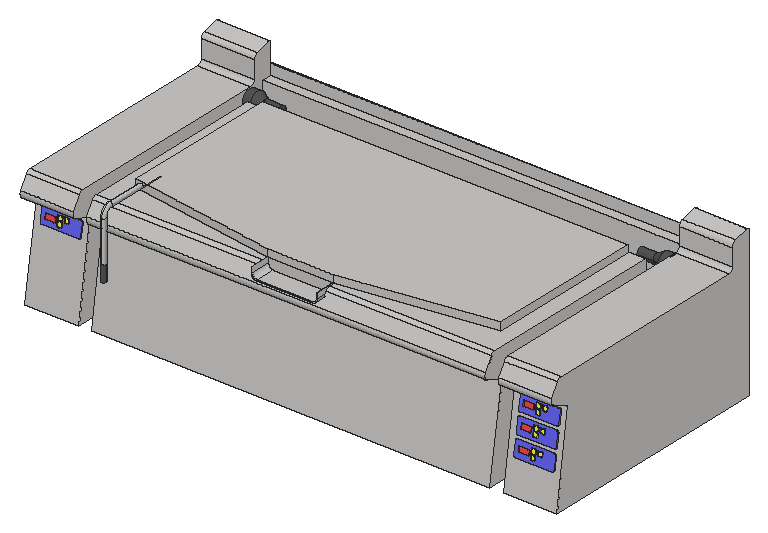
Revit family "QF_CAPIC_PILOTE_W296603", category Equipement spécialisé, Revit 2018
Family settings
  Cote de connecteur circulaire = Utiliser le diamètre
  Type d'élément = Normal
  Numéro OmniClass = 23.40.40.14
  Titre OmniClass = Food Service Equipment
  Basée sur le plan de construction = Non
  Toujours verticalement = Oui
  Couper avec des vides une fois chargée = Non
  Partagée = Non
  Point de calcul de pièce = Non
Parameters (values of type "2000 x 925 x 450 mm")
  URL catalogue = "http://www.capic-fr.com/fr/"
  Type de Raccord Plomberie [instance] = "Raccord 15/21"
  Type de Raccord Electrique [instance] = "Bornier interne"
  Type de Gaz = ""
  Type article [instance] = ""
  Tension = 400 V
  Spécification du Fabricant = ""
  Show Logo [instance] = yes
  Remarques evacuation [instance] = "Ecoulement dans caniveau"
  Remarques Plomberie [instance] = "Eau chaude + froide"
  Remarques Electricité [instance] = "400V TRI + N + T"
  Puissance électrique  = 27000 W
  Puissance Gaz kW = 0
  Profondeur hors tout = 925 mm
  Pression Maximum Eau Adoucie = 0.0 Pa
  Pos Bec = Longueur hors tout / 2  # 1000 mm
  Poids net à vide = 380.00 kg
  Pieds (Option X296001) [instance] = no
  Phase = 3
  Modèle = "W296603"
  Longueur hors tout = 2000 mm
  Intensité nominale = 0 A
  Hauteur hors tout = 570 mm
  Hauteur de Raccordement du Sol Finis = 550 mm
  Hauteur de Raccordement Gaz du Sol Finis = 0 mm
  Hauteur de Raccordement Evacuation Directe du Sol Finis = 0 mm
  Hauteur de Raccordement Eau Froide du Sol Finis = 600 mm
  Hauteur de Raccordement Eau Chaude du Sol Finis = 600 mm
  Hauteur de Raccordement Eau Adoucie du Sol Finis = 0 mm
  Fréquence = 50 Hz
  Fabricant = "CAPIC"
  Débit d'air d'extraction = 1700.0 m³/h
  Débit Gaz = 0.0 L/s
  Débit Eau Froide = 0.0 L/s
  Débit Eau Chaude = 0.0 L/s
  Débit Eau Adoucie = 0.0 L/s
  Diamètre de Raccordement Gaz = 0 mm
  Diamètre de Raccordement Evacuation = 0 mm
  Diamètre de Raccordement Eau Froide = 15 mm
  Diamètre de Raccordement Eau Chaude = 15 mm
  Diamètre de Raccordement Eau Adoucie = 0 mm
  Description = "Sauteuse multifonction 80dm2"
  Assembly Code = ""
  Classification  Omniclass nombre et titre = "23.40.40.14"
Reference planes
  plane 1 "Centre (avant/arrière)": y = 0
  plane 2: z = 0
  plane 3 "Centre (gauche/droite)": x = 1000
  plane 4: x = 1200
  plane 5: x = 2800
  plane 6: x = 3000
  plane 7: x = 1000
  plane 8: x = 1250
  plane 9: x = 2750
  plane 10: x = 2687
  plane 11: x = 1313
  plane 12: x = 2124
  plane 13: x = 1876
  plane 14: x = 2976
  plane 15: x = 1024
  plane 16: y = -690
  plane 17: x = 1333.6
  plane 18: x = 2000
  plane 19: y = -80
  plane 20: y = -757
  plane 21: x = 1100
  plane 22: x = 2900
Forms (mm)
  Extrusion 1, solid, material "QF_Stainless Steel-Brushed"
    sketch origin (2000, 0, 0) x (0, 1, 0) y (0, 0, 1)
      loop
        line (0, 450) -> (0, 1013.429)
        arc (0, 1013.429) -> (-0.782, 1015.016) -> (-2.518, 1015.361) r 2
        line (-2.518, 1015.361) -> (-57.918, 1000.516)
        arc (-57.918, 1000.516) -> (-68.074, 993.73) -> (-72, 982.164) r 19
        line (-72, 982.164) -> (-72, 917)
        arc (-72, 917) -> (-76.979, 904.979) -> (-89, 900) r 17
        line (-89, 900) -> (-879.289, 900)
        arc (-879.289, 900) -> (-889.289, 897.321) -> (-896.61, 890) r 20
        line (-896.61, 890) -> (-922.551, 845.067)
        arc (-922.551, 845.067) -> (-924.025, 828.227) -> (-912.071, 816.274) r 20
        line (-912.071, 816.274) -> (-852.584, 794.622)
        arc (-852.584, 794.622) -> (-849.467, 792.029) -> (-848.71, 788.045) r 6
        line (-848.71, 788.045) -> (-902.251, 450) -> (0, 450)
    from -1000 to -800
  Extrusion 2, solid, material "QF_Stainless Steel-Brushed"
    sketch origin (3640.271, 0, 0) x (0, 1, 0) y (0, 0, 1)
      loop
        line (0, 450) -> (0, 1013.429)
        arc (0, 1013.429) -> (-0.782, 1015.016) -> (-2.518, 1015.361) r 2
        line (-2.518, 1015.361) -> (-57.918, 1000.516)
        arc (-57.918, 1000.516) -> (-68.074, 993.73) -> (-72, 982.164) r 19
        line (-72, 982.164) -> (-72, 917)
        arc (-72, 917) -> (-76.979, 904.979) -> (-89, 900) r 17
        line (-89, 900) -> (-879.289, 900)
        arc (-879.289, 900) -> (-889.289, 897.321) -> (-896.61, 890) r 20
        line (-896.61, 890) -> (-922.551, 845.067)
        arc (-922.551, 845.067) -> (-924.025, 828.227) -> (-912.071, 816.274) r 20
        line (-912.071, 816.274) -> (-852.584, 794.622)
        arc (-852.584, 794.622) -> (-849.467, 792.029) -> (-848.71, 788.045) r 6
        line (-848.71, 788.045) -> (-902.251, 450) -> (0, 450)
    from -840.271 to -640.271
  Extrusion 3, solid, material "QF_Stainless Steel-Brushed"
    sketch origin (2330, 0, 0) x (0, 1, 0) y (0, 0, 1)
      loop
        line (-167.8, 450) -> (-167.8, 900) -> (-879.289, 900)
        arc (-879.289, 900) -> (-889.289, 897.321) -> (-896.61, 890) r 20
        line (-896.61, 890) -> (-922.551, 845.067)
        arc (-922.551, 845.067) -> (-924.025, 828.227) -> (-912.071, 816.274) r 20
        line (-912.071, 816.274) -> (-852.584, 794.622)
        arc (-852.584, 794.622) -> (-849.467, 792.029) -> (-848.71, 788.045) r 6
        line (-848.71, 788.045) -> (-902.251, 450) -> (-167.8, 450)
    from -1080 to 420
  Extrusion 4, solid, material "QF_Stainless Steel-Brushed"
    sketch origin (2000, -494.162, -132.867) x (0, 1, 0) y (0, 0, 1)
      loop
        line (494.162, 1076.367) -> (492.662, 1076.367) -> (492.662, 1032.867) -> (455.662, 1032.867) -> (455.662, 849.104) -> (389.555, 764.49) -> (389.555, 582.867) -> (391.055, 582.867) -> (391.055, 763.974) -> (457.162, 848.587) -> (457.162, 1029.867) -> (494.162, 1029.867) -> (494.162, 1076.367)
    from -800 to 800
  Revolve 5, solid, material "QF_Plastic-Black"
    sketch origin (855.885, -1524, 865) x (-1, 0, 0) y (0, -1, 0)
      loop
        line (-344.115, -1459) -> (-344.115, -1424) -> (-468.115, -1424) -> (-468.115, -1442) -> (-407.115, -1442) -> (-377.115, -1459) -> (-344.115, -1459)
      axis (-344.115, -1424) -> (-468.115, -1424)
    angle from 0 to 360
  Revolve 6, solid, material "QF_Plastic-Black"
    sketch origin (3144.115, -1524, 865) x (1, 0, 0) y (0, 1, 0)
      loop
        line (-344.115, 1459) -> (-377.115, 1459) -> (-407.115, 1442) -> (-468.115, 1442) -> (-468.115, 1424) -> (-344.115, 1424) -> (-344.115, 1459)
      axis (-344.115, 1424) -> (-468.115, 1424)
    angle from 0 to 360
  Extrusion 7, solid, material "QF_Stainless Steel-Brushed"
    sketch origin (363.202, -132.622, 0) x (1, 0, 0) y (0, 1, 0)
      loop
        line (949.798, -43.378) -> (949.798, -639.378) -> (1512.798, -723.378) -> (1760.798, -723.378) -> (2323.798, -639.378) -> (2323.798, -43.378) -> (949.798, -43.378)
    from 900 to 928
  Extrusion 8, solid, material "QF_Stainless Steel-Brushed"
    sketch origin (2000, 0, 0) x (0, 1, 0) y (0, 0, 1)
      loop
        circle (-690, 670) r 45
    from -800 to -750
  Extrusion 9, solid, material "QF_Stainless Steel-Brushed"
    sketch origin (2000, 0, 0) x (0, 1, 0) y (0, 0, -1)
      loop
        circle (-690, -670) r 45
    from -800 to -750
  Sweep 10, solid, material "QF_Stainless Steel-Brushed"
    path origin (1333.6, 444.623, 4000) x (0, 1, 0) y (0, 0, 1)
      loop
        line (-1134.623, -3085) -> (-1364.623, -3085)
        arc (-1364.623, -3085) -> (-1385.836, -3093.787) -> (-1394.623, -3115) r 30
        line (-1394.623, -3115) -> (-1394.623, -3271.5)
    profile origin (1333.6, -805, 915) x (0, 0, -1) y (1, 0, 0)
      loop
        circle (0, 0) r 8
  Extrusion 11, solid, material "QF_Stainless Steel-Brushed"
    sketch origin (1703.331, 0, -242.806) x (1, 0, 0) y (0, 0, 1)
      loop
        line (171.669, 1142.806) -> (171.669, 1122.806)
        arc (171.669, 1122.806) -> (177.527, 1108.664) -> (191.669, 1102.806) r 20
        line (191.669, 1102.806) -> (401.669, 1102.806)
        arc (401.669, 1102.806) -> (415.811, 1108.664) -> (421.669, 1122.806) r 20
        line (421.669, 1122.806) -> (421.669, 1142.806) -> (418.669, 1142.806) -> (418.669, 1122.806)
        arc (418.669, 1122.806) -> (413.69, 1110.786) -> (401.669, 1105.806) r 17
        line (401.669, 1105.806) -> (191.669, 1105.806)
        arc (191.669, 1105.806) -> (179.648, 1110.786) -> (174.669, 1122.806) r 17
        line (174.669, 1122.806) -> (174.669, 1142.806) -> (171.669, 1142.806)
    from 856 to 932
  Extrusion 12, void
    sketch origin (2000, 0, 0) x (1, 0, 0) y (0, 0, 1)
      loop
        line (-125, 900) -> (-125, 880)
        arc (-125, 880) -> (-119.142, 865.858) -> (-105, 860) r 20
        line (-105, 860) -> (105, 860)
        arc (105, 860) -> (119.142, 865.858) -> (125, 880) r 20
        line (125, 880) -> (125, 900) -> (-125, 900)
    from 856 to 932
  Extrusion 13, solid, material "QF_Plastic-Black"
    sketch origin (2000, 0, 0) x (1, 0, 0) y (0, 1, 0)
      loop
        circle (-666.4, -949.574) r 10
    from 670 to 728.5
  Revolve 14, solid, material "QF_Stainless Steel-Brushed", visible <- "Pieds (Option X296001)"
    sketch origin (1100, -1524, 1213.106) x (0, 0, 1) y (0, -1, 0)
      loop
        line (-763.106, -1488) -> (-763.106, -1444) -> (-1213.106, -1444) -> (-1213.106, -1484) -> (-1205.106, -1484) -> (-1188.792, -1452) -> (-1143.106, -1452) -> (-1143.106, -1488) -> (-763.106, -1488)
      axis (-1213.106, -1444) -> (-763.106, -1444)
    angle from 0 to 360
  Revolve 15, solid, material "QF_Stainless Steel-Brushed", visible <- "Pieds (Option X296001)"
    sketch origin (2900, -1524, 1373.181) x (0, 0, 1) y (0, -1, 0)
      loop
        line (-923.181, -1488) -> (-923.181, -1444) -> (-1373.181, -1444) -> (-1373.181, -1484) -> (-1365.181, -1484) -> (-1348.866, -1452) -> (-1303.181, -1452) -> (-1303.181, -1488) -> (-923.181, -1488)
      axis (-1373.181, -1444) -> (-923.181, -1444)
    angle from 0 to 360
  Revolve 16, solid, material "QF_Stainless Steel-Brushed", visible <- "Pieds (Option X296001)"
    sketch origin (1100, -2201, 1213.106) x (0, 0, 1) y (0, -1, 0)
      loop
        line (-763.106, -1488) -> (-763.106, -1444) -> (-1213.106, -1444) -> (-1213.106, -1484) -> (-1205.106, -1484) -> (-1188.792, -1452) -> (-1143.106, -1452) -> (-1143.106, -1488) -> (-763.106, -1488)
      axis (-1213.106, -1444) -> (-763.106, -1444)
    angle from 0 to 360
  Revolve 17, solid, material "QF_Stainless Steel-Brushed", visible <- "Pieds (Option X296001)"
    sketch origin (2900, -2201, 1373.181) x (0, 0, 1) y (0, -1, 0)
      loop
        line (-923.181, -1488) -> (-923.181, -1444) -> (-1373.181, -1444) -> (-1373.181, -1484) -> (-1365.181, -1484) -> (-1348.866, -1452) -> (-1303.181, -1452) -> (-1303.181, -1488) -> (-923.181, -1488)
      axis (-1373.181, -1444) -> (-923.181, -1444)
    angle from 0 to 360
Cuts and joins
  Extrusion 12 cuts Extrusion 3
Lines and regions (mm)
  symbolic lines, style "SpecialityEquipment"
    curve 1: line (1000, -58.953, 1085.565) -> (1000, -118.218, 1762.978)
    curve 2: line (1000, -86.846, 1083.125) -> (1000, -58.953, 1085.565)
    curve 3: line (1000, -146.112, 1760.537) -> (1000, -86.846, 1083.125)
    curve 4: line (1000, -118.218, 1762.978) -> (1000, -146.112, 1760.537)
    curve 5: line (1000, -303.472, 1838.118) -> (1000, -168.986, 1849.884)
    curve 6: line (1000, -302.078, 1822.179) -> (1000, -167.591, 1833.945)
    curve 7: line (1000, -139.139, 1761.148) -> (1000, -143.758, 1813.946)
    curve 8: line (1000, -123.199, 1762.542) -> (1000, -127.819, 1815.34)
    curve 9: arc (1000, -167.591, 1833.945) -> (1000, -151.533, 1828.881) -> (1000, -143.758, 1813.946) r 22
    curve 10: arc (1000, -168.986, 1849.884) -> (1000, -141.248, 1841.138) -> (1000, -127.819, 1815.34) r 38
    curve 13: line (0, -370.766, 1804.123) -> (0, -301.686, 1817.696)
    curve 15: line (1000, -303.472, 1838.118) -> (1000, -303.864, 1842.601)
    curve 16: line (1000, -301.686, 1817.696) -> (1000, -302.078, 1822.179)
  symbolic lines, style "SpecialityEquipmentHiddenLines"
    curve 11: arc (1000, -179.175, 1755.536) -> (1000, -670.405, 1488.997) -> (1000, -885.671, 973.235) r 840
    curve 12: line (0, -303.864, 1842.601) -> (0, -374.252, 1843.971)
    curve 14: arc (0, -374.252, 1843.971) -> (0, -392.433, 1822.304) -> (0, -370.766, 1804.123) r 20
Dimensions and locks
  locked: plane 5 to plane 6 at 200
  locked: plane 7 to plane 4 at 200
  "Longueur hors tout": plane 7 to plane 6
  locked: plane 4 to plane 8 at 50
  locked: plane 9 to plane 5 at 50
  locked: plane 8 to plane 11 at 63
  locked: plane 10 to plane 9 at 63
  locked: plane 13 to plane 12 at 248
  locked: plane 6 to plane 14 at 24
  locked: plane 7 to plane 15 at 24
  locked: plane 8 to plane 17 at 83.6
  "Pos Bec": plane 7 to plane 18
  equal spacing: plane 13, plane 18, plane 12
  locked: plane 19 to plane 1 "Centre (avant/arrière)" at 80
  locked: plane 20 to plane 19 at 677
  locked: plane 21 to plane 7 at 100
  locked: plane 6 to plane 22 at 100
  aligned and locked: level to plane 2
  aligned and locked: plane 4 to Extrusion 1
  aligned and locked: plane 6 to Extrusion 2
  aligned and locked: Extrusion 1 to plane 7
  aligned and locked: Extrusion 2 to plane 5
  aligned and locked: Extrusion 3 to plane 8
  aligned and locked: plane 9 to Extrusion 3
  aligned and locked: plane 5 to Extrusion 4
  aligned and locked: Extrusion 4 to plane 4
  aligned and locked: Extrusion 4 to Extrusion 7
  aligned and locked: plane 11 to Extrusion 7
  aligned and locked: plane 10 to Extrusion 7
  aligned and locked: plane 13 to Extrusion 7 sketch curve
  aligned and locked: plane 12 to Extrusion 7 sketch curve
  aligned and locked: Extrusion 8 to plane 4
  aligned and locked: Extrusion 8 to Extrusion 3
  aligned and locked: plane 5 to Extrusion 9
  aligned and locked: Extrusion 9 to plane 9
  aligned and locked: plane 17 to Extrusion 13 sketch curve
  aligned and locked: Extrusion 13 to Sweep 10
  aligned and locked: nested 1 to plane 15
  aligned and locked: nested 2 to plane 14
  aligned and locked: plane 19 to Revolve 14 sketch curve  (x2)
  aligned and locked: nested 3 to plane 14
  aligned and locked: nested 4 to plane 14
Automatic sketch dimensions
  curve 9 to curve 10 = 0 mm  (x2)
  curve 15 to plane 19 = 223.472 mm
  curve 5 to curve 16 = 1.394 mm
  curve 5 to plane 19 = 88.986 mm
  curve 10 to curve 6 = 1.394 mm
  curve 9 to curve 9 = 1.917 mm
  curve 9 to curve 3 = 19.562 mm
  curve 9 to curve 7 = 21.916 mm
  curve 7 to curve 8 = 15.939 mm
  curve 3 to curve 4 = 27.893 mm
  curve 2 to plane 19 = 6.846 mm
  plane 19 to curve 11 = 33 mm
  level to curve 11 = 926 mm
  curve 11 to curve 2 = 157.125 mm
  curve 2 to curve 2 = 2.44 mm
  curve 3 to curve 10 = 51.491 mm
  curve 9 to curve 7 = 1.917 mm
  curve 7 to curve 8 = 1.394 mm
  curve 6 to curve 9 = 11.766 mm
  curve 6 to curve 15 = 15.939 mm
  curve 15 to curve 5 = 0.392 mm
  curve 11 to plane 20 = 128.671 mm
  curve 6 to curve 16 = 0.392 mm
  curve 11 to curve 3 = 33.063 mm
  curve 11 to curve 2 = 109.89 mm
  curve 12 to plane 19 = 294.252 mm
  curve 12 to curve 14 = 1.743 mm
  curve 14 to curve 13 = 1.743 mm
  level to curve 13 = 1804.123 mm
  curve 13 to curve 14 = 19.924 mm
  curve 12 to curve 12 = 70.387 mm
  curve 12 to curve 13 = 2.179 mm
  curve 13 to curve 13 = 13.572 mm
  curve 13 to curve 12 = 24.905 mm
  Extrusion 1 sketch curve to Extrusion 1 sketch curve = 2 mm
  Extrusion 1 sketch curve to Extrusion 1 sketch curve = 0.518 mm
  plane 19 to Extrusion 1 sketch curve = 27 mm
  Extrusion 1 sketch curve to Extrusion 1 sketch curve = 4.918 mm
  plane 19 to Extrusion 1 sketch curve = 8 mm
  Extrusion 1 sketch curve to plane 19 = 9 mm
  Extrusion 1 sketch curve to plane 20 = 91.71 mm
  Extrusion 1 sketch curve to Extrusion 1 sketch curve = 3.874 mm
  Extrusion 1 sketch curve to Extrusion 1 sketch curve = 2.052 mm
  Extrusion 1 sketch curve to Extrusion 1 sketch curve = 26.705 mm
  Extrusion 1 sketch curve to Extrusion 1 sketch curve = 17.321 mm  (x2)
  Extrusion 1 sketch curve to plane 20 = 145.251 mm
  Extrusion 1 sketch curve to Extrusion 1 sketch curve = 25.942 mm
  Extrusion 1 sketch curve to Extrusion 1 sketch curve = 6.84 mm
  Extrusion 1 sketch curve to Extrusion 1 sketch curve = 338.045 mm
  Extrusion 1 sketch curve to Extrusion 1 sketch curve = 0.939 mm
  Extrusion 1 sketch curve to Extrusion 1 sketch curve = 21.652 mm
  Extrusion 1 sketch curve to Extrusion 1 sketch curve = 18.794 mm
  Extrusion 1 sketch curve to Extrusion 1 sketch curve = 44.933 mm
  Extrusion 1 sketch curve to Extrusion 1 sketch curve = 10 mm
  Extrusion 1 sketch curve to Extrusion 1 sketch curve = 65.164 mm
  Extrusion 1 sketch curve to Extrusion 1 sketch curve = 12.913 mm
  Extrusion 2 sketch curve to Extrusion 2 sketch curve = 2 mm
  Extrusion 2 sketch curve to Extrusion 2 sketch curve = 0.518 mm
  plane 19 to Extrusion 2 sketch curve = 27 mm
  Extrusion 2 sketch curve to Extrusion 2 sketch curve = 4.918 mm
  plane 19 to Extrusion 2 sketch curve = 8 mm
  Extrusion 2 sketch curve to plane 19 = 9 mm
  Extrusion 2 sketch curve to plane 20 = 91.71 mm
  Extrusion 2 sketch curve to Extrusion 2 sketch curve = 3.874 mm
  Extrusion 2 sketch curve to Extrusion 2 sketch curve = 2.052 mm
  Extrusion 2 sketch curve to Extrusion 2 sketch curve = 26.705 mm
  Extrusion 2 sketch curve to Extrusion 2 sketch curve = 17.321 mm  (x2)
  Extrusion 2 sketch curve to plane 20 = 145.251 mm
  Extrusion 2 sketch curve to Extrusion 2 sketch curve = 25.942 mm
  Extrusion 2 sketch curve to Extrusion 2 sketch curve = 6.84 mm
  Extrusion 2 sketch curve to Extrusion 2 sketch curve = 338.045 mm
  Extrusion 2 sketch curve to Extrusion 2 sketch curve = 0.939 mm
  Extrusion 2 sketch curve to Extrusion 2 sketch curve = 21.652 mm
  Extrusion 2 sketch curve to Extrusion 2 sketch curve = 18.794 mm
  Extrusion 2 sketch curve to Extrusion 2 sketch curve = 44.933 mm
  Extrusion 2 sketch curve to Extrusion 2 sketch curve = 10 mm
  Extrusion 2 sketch curve to Extrusion 2 sketch curve = 65.164 mm
  Extrusion 2 sketch curve to Extrusion 2 sketch curve = 12.913 mm
  Extrusion 3 sketch curve to plane 20 = 165.551 mm
  Extrusion 3 sketch curve to Extrusion 3 sketch curve = 10.48 mm
  Extrusion 3 sketch curve to Extrusion 3 sketch curve = 17.321 mm  (x2)
  Extrusion 3 sketch curve to plane 20 = 145.251 mm
  Extrusion 3 sketch curve to Extrusion 3 sketch curve = 25.942 mm
  Extrusion 3 sketch curve to Extrusion 3 sketch curve = 57.435 mm
  Extrusion 3 sketch curve to Extrusion 3 sketch curve = 2.052 mm
  Extrusion 3 sketch curve to Extrusion 3 sketch curve = 5.926 mm
  Extrusion 3 sketch curve to plane 19 = 87.8 mm
  level to Extrusion 3 sketch curve = 450 mm
  Extrusion 3 sketch curve to Extrusion 3 sketch curve = 338.045 mm
  Extrusion 3 sketch curve to Extrusion 3 sketch curve = 0.939 mm
  Extrusion 3 sketch curve to Extrusion 3 sketch curve = 21.652 mm
  Extrusion 3 sketch curve to Extrusion 3 sketch curve = 18.794 mm
  Extrusion 3 sketch curve to Extrusion 3 sketch curve = 44.933 mm
  Extrusion 3 sketch curve to Extrusion 3 sketch curve = 10 mm
  Extrusion 4 sketch curve to plane 1 "Centre (avant/arrière)" = 0 mm
  Extrusion 4 sketch curve to Extrusion 4 sketch curve = 1.5 mm  (x3)
  Extrusion 4 sketch curve to Extrusion 4 sketch curve = 35.5 mm
  Extrusion 4 sketch curve to plane 19 = 23.107 mm
  level to Extrusion 4 sketch curve = 450 mm
  Extrusion 4 sketch curve to Extrusion 4 sketch curve = 181.107 mm
  Extrusion 4 sketch curve to Extrusion 4 sketch curve = 0.516 mm  (x2)
  Extrusion 4 sketch curve to Extrusion 4 sketch curve = 84.613 mm
  Extrusion 4 sketch curve to Extrusion 4 sketch curve = 180.763 mm
  Extrusion 4 sketch curve to Extrusion 4 sketch curve = 3 mm
  Extrusion 4 sketch curve to Extrusion 4 sketch curve = 43.5 mm
  Revolve 5 sketch curve to plane 4 = 0 mm  (x2)
  Revolve 5 sketch curve to plane 8 = 17 mm
  Revolve 5 sketch curve to plane 19 = 2 mm
  plane 8 to Revolve 5 sketch curve = 13 mm
  Revolve 5 sketch curve to plane 17 = 9.6 mm
  plane 19 to Revolve 5 sketch curve = 15 mm
  Revolve 5 sketch curve to Revolve 5 sketch curve = 18 mm
  Revolve 5 sketch curve to Revolve 5 sketch curve = 0 mm  (x2)
  Revolve 6 sketch curve to plane 5 = 0 mm  (x2)
  plane 9 to Revolve 6 sketch curve = 17 mm
  Revolve 6 sketch curve to plane 19 = 2 mm
  Revolve 6 sketch curve to plane 9 = 13 mm
  plane 10 to Revolve 6 sketch curve = 11 mm
  Revolve 6 sketch curve to Revolve 6 sketch curve = 18 mm
  plane 19 to Revolve 6 sketch curve = 15 mm
  Revolve 6 sketch curve to Revolve 6 sketch curve = 0 mm  (x2)
  Extrusion 7 sketch curve to plane 11 = 0 mm
  Extrusion 7 sketch curve to plane 10 = 0 mm
  Extrusion 7 sketch curve to plane 20 = 99 mm
  Extrusion 7 sketch curve to plane 20 = 15 mm  (x2)
  Extrusion 7 sketch curve to plane 19 = 96 mm
  Extrusion 8 sketch curve to plane 16 = 0 mm
  level to Extrusion 8 sketch curve = 670 mm
  Extrusion 9 sketch curve to plane 16 = 0 mm
  level to Extrusion 9 sketch curve = 670 mm
  Sweep 10 sketch curve to plane 16 = 0 mm
  Sweep 10 sketch curve to plane 20 = 163 mm
  Sweep 10 sketch curve to Sweep 10 sketch curve = 30 mm
  level to Sweep 10 sketch curve = 885 mm
  Sweep 10 sketch curve to Sweep 10 sketch curve = 156.5 mm
  Sweep 10 sketch curve to plane 17 = 0 mm
  Sweep 10 sketch curve to profile plane = 0 mm
  Extrusion 11 sketch curve to Extrusion 11 sketch curve = 0 mm  (x4)
  plane 13 to Extrusion 11 sketch curve = 1 mm
  Extrusion 11 sketch curve to plane 13 = 2 mm
  Extrusion 11 sketch curve to Extrusion 11 sketch curve = 17 mm
  plane 12 to Extrusion 11 sketch curve = 19 mm
  plane 12 to Extrusion 11 sketch curve = 2 mm
  level to Extrusion 11 sketch curve = 860 mm
  Extrusion 11 sketch curve to Extrusion 11 sketch curve = 20 mm  (x2)
  plane 13 to Extrusion 12 sketch curve = 1 mm
  Extrusion 12 sketch curve to plane 13 = 19 mm
  plane 12 to Extrusion 12 sketch curve = 19 mm
  Extrusion 12 sketch curve to plane 12 = 1 mm
  level to Extrusion 12 sketch curve = 860 mm
  Extrusion 12 sketch curve to Extrusion 12 sketch curve = 20 mm
  Extrusion 13 sketch curve to plane 20 = 192.574 mm
  Revolve 14 sketch curve to level = 0 mm
  level to Revolve 14 sketch curve = 8 mm
  plane 19 to Revolve 14 sketch curve = 8 mm
  level to Revolve 14 sketch curve = 24.315 mm
  Revolve 14 sketch curve to Revolve 14 sketch curve = 45.685 mm
  plane 1 "Centre (avant/arrière)" to Revolve 14 sketch curve = 36 mm
  Revolve 14 sketch curve to Revolve 14 sketch curve = 380 mm
  Revolve 14 sketch curve to Revolve 14 sketch curve = 40 mm
  Revolve 14 sketch curve to Revolve 14 sketch curve = 20 mm
  Revolve 14 sketch curve to Revolve 14 sketch curve = 120 mm
  Revolve 15 sketch curve to level = 0 mm
  Revolve 15 sketch curve to plane 19 = 0 mm  (x2)
  level to Revolve 15 sketch curve = 8 mm
  plane 19 to Revolve 15 sketch curve = 8 mm
  level to Revolve 15 sketch curve = 24.315 mm
  Revolve 15 sketch curve to Revolve 15 sketch curve = 45.685 mm
  plane 1 "Centre (avant/arrière)" to Revolve 15 sketch curve = 36 mm
  Revolve 15 sketch curve to Revolve 15 sketch curve = 380 mm
  Revolve 15 sketch curve to Revolve 15 sketch curve = 40 mm
  Revolve 15 sketch curve to Revolve 15 sketch curve = 20 mm
  Revolve 15 sketch curve to Revolve 15 sketch curve = 120 mm
  Revolve 16 sketch curve to level = 0 mm
  Revolve 16 sketch curve to plane 20 = 0 mm  (x2)
  Revolve 16 sketch curve to Revolve 16 sketch curve = 8 mm
  plane 20 to Revolve 16 sketch curve = 8 mm
  level to Revolve 16 sketch curve = 24.315 mm
  Revolve 16 sketch curve to Revolve 16 sketch curve = 45.685 mm
  Revolve 16 sketch curve to plane 16 = 23 mm
  Revolve 16 sketch curve to Revolve 16 sketch curve = 380 mm
  Revolve 16 sketch curve to plane 16 = 27 mm
  Revolve 16 sketch curve to Revolve 16 sketch curve = 20 mm
  Revolve 16 sketch curve to Revolve 16 sketch curve = 120 mm
  Revolve 17 sketch curve to level = 0 mm
  Revolve 17 sketch curve to plane 20 = 0 mm  (x2)
  level to Revolve 17 sketch curve = 8 mm
  plane 20 to Revolve 17 sketch curve = 8 mm
  level to Revolve 17 sketch curve = 24.315 mm
  Revolve 17 sketch curve to Revolve 17 sketch curve = 45.685 mm
  Revolve 17 sketch curve to plane 16 = 23 mm
  Revolve 17 sketch curve to Revolve 17 sketch curve = 380 mm
  Revolve 17 sketch curve to plane 16 = 27 mm
  Revolve 17 sketch curve to Revolve 17 sketch curve = 20 mm
  Revolve 17 sketch curve to Revolve 17 sketch curve = 120 mm
  plane 1 "Centre (avant/arrière)" to Extrusion 1 sketch curve = 0 mm
  level to Extrusion 1 sketch curve = 450 mm
  plane 1 "Centre (avant/arrière)" to Extrusion 2 sketch curve = 0 mm
  level to Extrusion 2 sketch curve = 450 mm
  radius of Extrusion 8 sketch curve = 45 mm
  radius of Extrusion 9 sketch curve = 45 mm
  radius of Sweep 10 sketch curve = 8 mm
  radius of Extrusion 13 sketch curve = 10 mm
Nested families
  nested 1: "QF_Details_CarteCde" at (1024, 1.452, 0), type "QF_Details_CarteCde"
  nested 2: "QF_Details_CarteCde" at (2824, 1.452, 0), type "QF_Details_CarteCde"
  nested 3: "QF_Details_CarteCde" at (2824, -10, -71.736), type "QF_Details_CarteCde"
  nested 4: "QF_Details_CarteCde" at (2824, -21.381, -144.163), type "QF_Details_CarteCde"
Definition of nested family "QF_Details_CarteCde"
  Reference planes
    plane 1 "Centre (avant/arrière)": y = 0
    plane 2: z = 0
    plane 3 "Centre (gauche/droite)": x = 0
  Forms (mm)
    Extrusion 1, solid
      sketch origin (0, -975.563, -3.706) x (1, 0, 0) y (0, 0.156434, 0.987688)
        loop
          arc (7, 787.388) -> (2.05, 785.338) -> (0, 780.388) r 7
          line (0, 780.388) -> (0, 735.388)
          arc (0, 735.388) -> (2.05, 730.439) -> (7, 728.388) r 7
          line (7, 728.388) -> (145, 728.388)
          arc (145, 728.388) -> (149.95, 730.439) -> (152, 735.388) r 7
          line (152, 735.388) -> (152, 780.388)
          arc (152, 780.388) -> (149.95, 785.338) -> (145, 787.388) r 7
          line (145, 787.388) -> (7, 787.388)
        loop
          line (15, 767.388) -> (15, 748.388) -> (54, 748.388) -> (54, 767.388) -> (15, 767.388)
        loop
          line (74, 776.917) -> (61, 776.917) -> (61, 763.917)
          arc (61, 763.917) -> (62.172, 761.089) -> (65, 759.917) r 4
          line (65, 759.917) -> (78, 759.917) -> (78, 772.917)
          arc (78, 772.917) -> (76.828, 775.745) -> (74, 776.917) r 4
        loop
          line (99, 776.917) -> (86, 776.917) -> (86, 763.917)
          arc (86, 763.917) -> (87.172, 761.089) -> (90, 759.917) r 4
          line (90, 759.917) -> (103, 759.917) -> (103, 772.917)
          arc (103, 772.917) -> (101.828, 775.745) -> (99, 776.917) r 4
        loop
          line (74, 756.917) -> (61, 756.917) -> (61, 743.917)
          arc (61, 743.917) -> (62.172, 741.089) -> (65, 739.917) r 4
          line (65, 739.917) -> (78, 739.917) -> (78, 752.917)
          arc (78, 752.917) -> (76.828, 755.745) -> (74, 756.917) r 4
      from 0 to 0.5
    Extrusion 2, solid
      sketch origin (0, -973.53, 9.132) x (1, 0, 0) y (0, 0.156434, 0.987688)
        loop
          line (15, 754.391) -> (15, 735.391) -> (54, 735.391) -> (54, 754.391) -> (15, 754.391)
      from 0 to 0.5
    Extrusion 3, solid
      sketch origin (0, -973.53, 9.132) x (1, 0, 0) y (0, 0.156434, 0.987688)
        loop
          line (61, 763.919) -> (61, 750.919)
          arc (61, 750.919) -> (62.172, 748.091) -> (65, 746.919) r 4
          line (65, 746.919) -> (78, 746.919) -> (78, 759.919)
          arc (78, 759.919) -> (76.828, 762.748) -> (74, 763.919) r 4
          line (74, 763.919) -> (61, 763.919)
      from 0 to 0.5
    Extrusion 4, solid
      sketch origin (0, -976.658, -10.622) x (1, 0, 0) y (0, 0.156434, 0.987688)
        loop
          line (61, 763.919) -> (61, 750.919)
          arc (61, 750.919) -> (62.172, 748.091) -> (65, 746.919) r 4
          line (65, 746.919) -> (78, 746.919) -> (78, 759.919)
          arc (78, 759.919) -> (76.828, 762.748) -> (74, 763.919) r 4
          line (74, 763.919) -> (61, 763.919)
      from 0 to 0.5
    Extrusion 5, solid
      sketch origin (25, -973.53, 9.132) x (1, 0, 0) y (0, 0.156434, 0.987688)
        loop
          line (61, 763.919) -> (61, 750.919)
          arc (61, 750.919) -> (62.172, 748.091) -> (65, 746.919) r 4
          line (65, 746.919) -> (78, 746.919) -> (78, 759.919)
          arc (78, 759.919) -> (76.828, 762.748) -> (74, 763.919) r 4
          line (74, 763.919) -> (61, 763.919)
      from 0 to 0.5
  Dimensions and locks
    aligned and locked: level to plane 2
